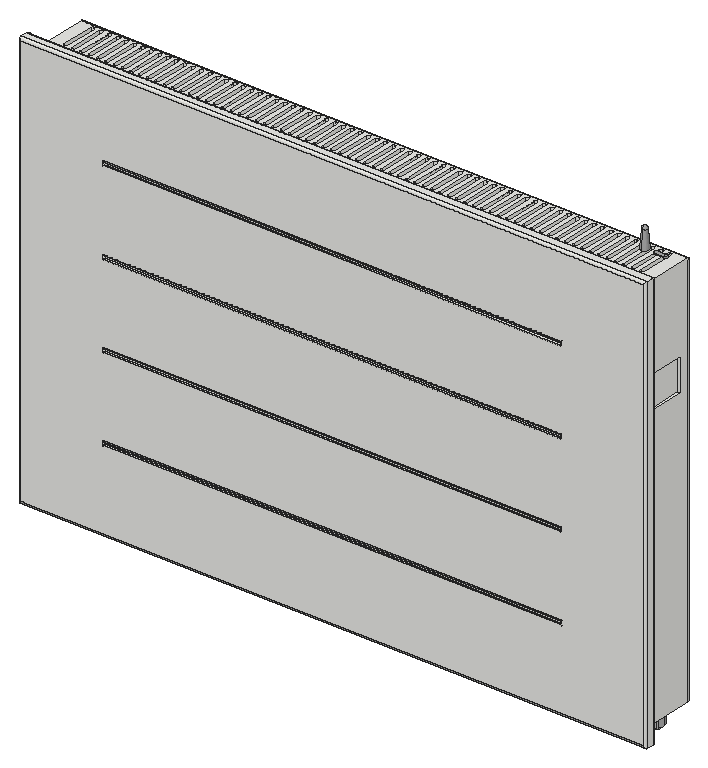
Revit family "SUBLIME RF_0750", category Generic Models, Revit 2018
Family settings
  Can host rebar = No
  Round Connector Dimension = Use Diameter
  Part Type = Normal
  Work Plane-Based = No
  Always vertical = Yes
  Cut with Voids When Loaded = No
  Shared = No
  Room Calculation Point = No
Parameters (values of type "Sublime RF_0750")
  Zwart = Zwart
  Wifi paneel = no
  Voltage = 230 V
  URL = "https://masterwatt.nl/"
  Scherm = Screen
  RF model = yes
  Power (default) = 750 VA
  Plus paneel = no
  Phase = 1
  Model = "SBL 750 RF"
  Manufacturer = "Masterwatt B.V."
  Licht grijs = Licht grijs
  Hoogte = 500 mm
  H openingen o = Hoogte - 22 mm  # 478 mm
  H openingen = Hoogte - 12 mm  # 488 mm
  Diepte = 80 mm
  Copyright = "Masterwatt B.V."  # constant formula
  Kleur = Lacquer White
  Breedte = 750 mm
  Beugel smal = yes
  Beugel breed = no
  Art. No. = "429 756 321"
  Aantal openingen onder = (Breedte / 2 mm - 135) / 10  # 24
  Aantal openingen boven = (Breedte / 2 mm - 25) / 10  # 35
Reference planes
  plane 1 "Center (Front/Back)": y = 0
  plane 2: z = 0
  plane 3 "Center (Left/Right)": x = 0
  plane 4: x = -375
  plane 5: x = 375
  plane 6: z = 500
  plane 7: y = -15
  plane 8: y = -95
  plane 9: x = -363
  plane 10: z = 488
  plane 11: x = 363
  plane 12: z = 12
  plane 13: y = -81
  plane 14: x = -273
  plane 15: x = 273
  plane 16: z = 394
Forms (mm)
  Extrusion 1, solid, material "Lacquer White" <- "Kleur"
    sketch origin (0, 0, 0) x (1, 0, 0) y (0, 0, 1)
      loop
        line (-375, 500) -> (-375, 0) -> (375, 0) -> (375, 500) -> (-375, 500)
    from 81 to 95
  Sweep 2, void
    path in 3D
      loop
        line (-375, -95, 500) -> (-375, -95, 0) -> (375, -95, 0) -> (375, -95, 500) -> (-375, -95, 500)
    profile origin (0, -95, 500) x (0, -1, 0) y (0, 0, 1)
      loop
        line (0, 0) -> (-2.5, 0)
        arc (-2.5, 0) -> (-0.732, -0.732) -> (0, -2.5) r 2.5
        line (0, -2.5) -> (0, 0)
      loop
        line (-14, 0) -> (-14, -2.5)
        arc (-14, -2.5) -> (-13.268, -0.732) -> (-11.5, 0) r 2.5
        line (-11.5, 0) -> (-14, 0)
  Extrusion 3, solid, material "Lacquer White" <- "Kleur"
    sketch origin (0, 0, 0) x (1, 0, 0) y (0, 0, 1)
      loop
        line (-363, 488) -> (-363, 12) -> (363, 12) -> (363, 488) -> (-363, 488)
    from 15 to 81
  Sweep 4, void
    path in 3D
      loop
        line (-363, -81, 488) -> (-363, -81, 12) -> (363, -81, 12) -> (363, -81, 488) -> (-363, -81, 488)
    profile origin (0, -81, 488) x (0, -1, 0) y (0, 0, 1)
      loop
        line (-66, 0) -> (-66, -2)
        arc (-66, -2) -> (-65.414, -0.586) -> (-64, 0) r 2
        line (-64, 0) -> (-66, 0)
  Blend 5, void
    base sketch origin (0, 0, -400) x (1, 0, 0) y (0, 0, 1)
      loop
        arc (-274, 503) -> (-274.707, 502.707) -> (-275, 502) r 1
        line (-275, 502) -> (-275, 498)
        arc (-275, 498) -> (-274.707, 497.293) -> (-274, 497) r 1
        line (-274, 497) -> (274, 497)
        arc (274, 497) -> (274.707, 497.293) -> (275, 498) r 1
        line (275, 498) -> (275, 502)
        arc (275, 502) -> (274.707, 502.707) -> (274, 503) r 1
        line (274, 503) -> (-274, 503)
    top sketch origin (0, 0, -400) x (1, 0, 0) y (0, 0, 1)
      loop
        line (273, 501) -> (-273, 501) -> (-273, 499) -> (273, 499) -> (273, 501)
    from 95.2 to 94
  Extrusion 6, solid, material "Screen" <- "Scherm", visible <- "Plus paneel"
    sketch origin (522.5, -363, 112) x (0, 1, 0) y (0, 0, 1)
      loop
        line (295, 276) -> (295, 236) -> (335, 236) -> (335, 276) -> (295, 276)
    from -163.5 to -159.5
  Extrusion 7, solid, material "Licht grijs" <- "Licht grijs", visible <- "Plus paneel"
    sketch origin (493.29, -363, 112) x (0, 1, 0) y (0, 0, 1)
      loop
        arc (297.5, 221.5) -> (295, 219) -> (297.5, 216.5) r 2.5
        line (297.5, 216.5) -> (311, 216.5)
        arc (311, 216.5) -> (313.5, 219) -> (311, 221.5) r 2.5
        line (311, 221.5) -> (297.5, 221.5)
      loop
        arc (319, 221.5) -> (316.5, 219) -> (319, 216.5) r 2.5
        line (319, 216.5) -> (332.5, 216.5)
        arc (332.5, 216.5) -> (335, 219) -> (332.5, 221.5) r 2.5
        line (332.5, 221.5) -> (319, 221.5)
      loop
        arc (297.5, 230) -> (295, 227.5) -> (297.5, 225) r 2.5
        line (297.5, 225) -> (300.3, 225)
        arc (300.3, 225) -> (302.8, 227.5) -> (300.3, 230) r 2.5
        line (300.3, 230) -> (297.5, 230)
      loop
        arc (319, 230) -> (316.5, 227.5) -> (319, 225) r 2.5
        line (319, 225) -> (321.8, 225)
        arc (321.8, 225) -> (324.3, 227.5) -> (321.8, 230) r 2.5
        line (321.8, 230) -> (319, 230)
      loop
        arc (329.7, 230) -> (327.2, 227.5) -> (329.7, 225) r 2.5
        line (329.7, 225) -> (332.5, 225)
        arc (332.5, 225) -> (335, 227.5) -> (332.5, 230) r 2.5
        line (332.5, 230) -> (329.7, 230)
      loop
        arc (308.2, 230) -> (305.7, 227.5) -> (308.2, 225) r 2.5
        line (308.2, 225) -> (311, 225)
        arc (311, 225) -> (313.5, 227.5) -> (311, 230) r 2.5
        line (311, 230) -> (308.2, 230)
    from -130.29 to -126.29
  Extrusion 8, void
    sketch origin (502.5, -363, 112) x (0, 1, 0) y (0, 0, 1)
      loop
        line (295, 276) -> (295, 236) -> (335, 236) -> (335, 276) -> (295, 276)
    from -143.5 to -139.5
  Extrusion 9, void
    sketch origin (-14.747, -2.968, 0) x (1, 0, 0) y (0, 1, 0)
      loop
        arc (341.747, -39.532) -> (339.247, -37.032) -> (336.747, -39.532) r 2.5
        line (336.747, -39.532) -> (336.747, -59.532)
        arc (336.747, -59.532) -> (339.247, -62.032) -> (341.747, -59.532) r 2.5
        line (341.747, -59.532) -> (341.747, -39.532)
    from 12 to 22
  Extrusion 10, void
    sketch origin (-24.747, -2.968, 0) x (1, 0, 0) y (0, 1, 0)
      loop
        arc (341.747, -39.532) -> (339.247, -37.032) -> (336.747, -39.532) r 2.5
        line (336.747, -39.532) -> (336.747, -59.532)
        arc (336.747, -59.532) -> (339.247, -62.032) -> (341.747, -59.532) r 2.5
        line (341.747, -59.532) -> (341.747, -39.532)
    from 12 to 22
  Extrusion 11, void
    sketch origin (-34.747, -2.968, 0) x (1, 0, 0) y (0, 1, 0)
      loop
        arc (341.747, -39.532) -> (339.247, -37.032) -> (336.747, -39.532) r 2.5
        line (336.747, -39.532) -> (336.747, -59.532)
        arc (336.747, -59.532) -> (339.247, -62.032) -> (341.747, -59.532) r 2.5
        line (341.747, -59.532) -> (341.747, -39.532)
    from 12 to 22
  Extrusion 12, void
    sketch origin (-19.747, 23.032, 0) x (1, 0, 0) y (0, 1, 0)
      loop
        line (341.747, -38.032) -> (336.747, -38.032) -> (336.747, -59.532)
        arc (336.747, -59.532) -> (339.247, -62.032) -> (341.747, -59.532) r 2.5
        line (341.747, -59.532) -> (341.747, -38.032)
    from 12 to 17
  Extrusion 13, void
    sketch origin (-29.747, 23.032, 0) x (1, 0, 0) y (0, 1, 0)
      loop
        line (341.747, -38.032) -> (336.747, -38.032) -> (336.747, -59.532)
        arc (336.747, -59.532) -> (339.247, -62.032) -> (341.747, -59.532) r 2.5
        line (341.747, -59.532) -> (341.747, -38.032)
    from 12 to 17
  Extrusion 14, void
    sketch origin (-983.747, -2.968, 0) x (1, 0, 0) y (0, 1, 0)
      loop
        arc (641.747, -39.532) -> (639.247, -37.032) -> (636.747, -39.532) r 2.5
        line (636.747, -39.532) -> (636.747, -59.532)
        arc (636.747, -59.532) -> (639.247, -62.032) -> (641.747, -59.532) r 2.5
        line (641.747, -59.532) -> (641.747, -39.532)
    from 12 to 22
  Extrusion 15, void
    sketch origin (-988.747, 23.032, 0) x (1, 0, 0) y (0, 1, 0)
      loop
        line (641.747, -38.032) -> (636.747, -38.032) -> (636.747, -59.532)
        arc (636.747, -59.532) -> (639.247, -62.032) -> (641.747, -59.532) r 2.5
        line (641.747, -59.532) -> (641.747, -38.032)
    from 12 to 17
  Extrusion 16, void
    sketch origin (-973.747, -2.968, 0) x (1, 0, 0) y (0, 1, 0)
      loop
        arc (641.747, -39.532) -> (639.247, -37.032) -> (636.747, -39.532) r 2.5
        line (636.747, -39.532) -> (636.747, -59.532)
        arc (636.747, -59.532) -> (639.247, -62.032) -> (641.747, -59.532) r 2.5
        line (641.747, -59.532) -> (641.747, -39.532)
    from 12 to 22
  Extrusion 17, void
    sketch origin (-978.747, 23.032, 0) x (1, 0, 0) y (0, 1, 0)
      loop
        line (641.747, -38.032) -> (636.747, -38.032) -> (636.747, -59.532)
        arc (636.747, -59.532) -> (639.247, -62.032) -> (641.747, -59.532) r 2.5
        line (641.747, -59.532) -> (641.747, -38.032)
    from 12 to 17
  Extrusion 18, void
    sketch origin (-963.747, -2.968, 0) x (1, 0, 0) y (0, 1, 0)
      loop
        arc (641.747, -39.532) -> (639.247, -37.032) -> (636.747, -39.532) r 2.5
        line (636.747, -39.532) -> (636.747, -59.532)
        arc (636.747, -59.532) -> (639.247, -62.032) -> (641.747, -59.532) r 2.5
        line (641.747, -59.532) -> (641.747, -39.532)
    from 12 to 22
  Extrusion 19, void
    sketch origin (-968.747, 23.032, 0) x (1, 0, 0) y (0, 1, 0)
      loop
        line (641.747, -38.032) -> (636.747, -38.032) -> (636.747, -59.532)
        arc (636.747, -59.532) -> (639.247, -62.032) -> (641.747, -59.532) r 2.5
        line (641.747, -59.532) -> (641.747, -38.032)
    from 12 to 17
  Extrusion 20, void
    sketch origin (-953.747, -2.968, 0) x (1, 0, 0) y (0, 1, 0)
      loop
        arc (641.747, -39.532) -> (639.247, -37.032) -> (636.747, -39.532) r 2.5
        line (636.747, -39.532) -> (636.747, -59.532)
        arc (636.747, -59.532) -> (639.247, -62.032) -> (641.747, -59.532) r 2.5
        line (641.747, -59.532) -> (641.747, -39.532)
    from 12 to 22
  Extrusion 21, void
    sketch origin (-958.747, 23.032, 0) x (1, 0, 0) y (0, 1, 0)
      loop
        line (641.747, -38.032) -> (636.747, -38.032) -> (636.747, -59.532)
        arc (636.747, -59.532) -> (639.247, -62.032) -> (641.747, -59.532) r 2.5
        line (641.747, -59.532) -> (641.747, -38.032)
    from 12 to 17
  Extrusion 22, void
    sketch origin (-943.747, -2.968, 0) x (1, 0, 0) y (0, 1, 0)
      loop
        arc (641.747, -39.532) -> (639.247, -37.032) -> (636.747, -39.532) r 2.5
        line (636.747, -39.532) -> (636.747, -59.532)
        arc (636.747, -59.532) -> (639.247, -62.032) -> (641.747, -59.532) r 2.5
        line (641.747, -59.532) -> (641.747, -39.532)
    from 12 to 22
  Extrusion 23, void
    sketch origin (-948.747, 23.032, 0) x (1, 0, 0) y (0, 1, 0)
      loop
        line (641.747, -38.032) -> (636.747, -38.032) -> (636.747, -59.532)
        arc (636.747, -59.532) -> (639.247, -62.032) -> (641.747, -59.532) r 2.5
        line (641.747, -59.532) -> (641.747, -38.032)
    from 12 to 17
  Extrusion 24, void
    sketch origin (-504.247, -2.968, 0) x (1, 0, 0) y (0, 1, 0)
      loop
        arc (491.747, -39.532) -> (489.247, -37.032) -> (486.747, -39.532) r 2.5
        line (486.747, -39.532) -> (486.747, -59.532)
        arc (486.747, -59.532) -> (489.247, -62.032) -> (491.747, -59.532) r 2.5
        line (491.747, -59.532) -> (491.747, -39.532)
    from 12 to 22
  Extrusion 25, void
    sketch origin (-494.247, -2.968, 0) x (1, 0, 0) y (0, 1, 0)
      loop
        arc (491.747, -39.532) -> (489.247, -37.032) -> (486.747, -39.532) r 2.5
        line (486.747, -39.532) -> (486.747, -59.532)
        arc (486.747, -59.532) -> (489.247, -62.032) -> (491.747, -59.532) r 2.5
        line (491.747, -59.532) -> (491.747, -39.532)
    from 12 to 22
  Extrusion 26, void
    sketch origin (-499.247, 23.032, 0) x (1, 0, 0) y (0, 1, 0)
      loop
        line (491.747, -38.032) -> (486.747, -38.032) -> (486.747, -59.532)
        arc (486.747, -59.532) -> (489.247, -62.032) -> (491.747, -59.532) r 2.5
        line (491.747, -59.532) -> (491.747, -38.032)
    from 12 to 17
  Extrusion 27, void
    sketch origin (-484.247, -2.968, 0) x (1, 0, 0) y (0, 1, 0)
      loop
        arc (491.747, -39.532) -> (489.247, -37.032) -> (486.747, -39.532) r 2.5
        line (486.747, -39.532) -> (486.747, -59.532)
        arc (486.747, -59.532) -> (489.247, -62.032) -> (491.747, -59.532) r 2.5
        line (491.747, -59.532) -> (491.747, -39.532)
    from 12 to 22
  Extrusion 28, void
    sketch origin (-489.247, 23.032, 0) x (1, 0, 0) y (0, 1, 0)
      loop
        line (491.747, -38.032) -> (486.747, -38.032) -> (486.747, -59.532)
        arc (486.747, -59.532) -> (489.247, -62.032) -> (491.747, -59.532) r 2.5
        line (491.747, -59.532) -> (491.747, -38.032)
    from 12 to 17
  Extrusion 29, void
    sketch origin (-474.247, -2.968, 0) x (1, 0, 0) y (0, 1, 0)
      loop
        arc (491.747, -39.532) -> (489.247, -37.032) -> (486.747, -39.532) r 2.5
        line (486.747, -39.532) -> (486.747, -59.532)
        arc (486.747, -59.532) -> (489.247, -62.032) -> (491.747, -59.532) r 2.5
        line (491.747, -59.532) -> (491.747, -39.532)
    from 12 to 22
  Extrusion 30, void
    sketch origin (-479.247, 23.032, 0) x (1, 0, 0) y (0, 1, 0)
      loop
        line (491.747, -38.032) -> (486.747, -38.032) -> (486.747, -59.532)
        arc (486.747, -59.532) -> (489.247, -62.032) -> (491.747, -59.532) r 2.5
        line (491.747, -59.532) -> (491.747, -38.032)
    from 12 to 17
  Extrusion 31, solid, material "Zwart" <- "Zwart", detail levels fine
    sketch origin (147, -62.5, 0) x (1, 0, 0) y (0, 1, 0)
      loop
        circle (207, -0.5) r 7
    from 10.5 to 12
  Revolve 32, solid, material "Lacquer White" <- "Kleur"
    sketch origin (354, -62.5, 10) x (0, 1, 0) y (0, 0, 1)
      loop
        line (-0.5, 0.5) -> (-0.5, -21.5)
        arc (-0.5, -21.5) -> (1.621, -20.621) -> (2.5, -18.5) r 3
        line (2.5, -18.5) -> (2.5, 0.5) -> (-0.5, 0.5)
      axis (-0.5, 0.5) -> (-0.5, -21.5)
    angle from 0 to 360
  Extrusion 33, void
    sketch origin (0, 0, 0) x (1, 0, 0) y (0, 1, 0)
      loop
        line (-2.5, -62.5) -> (-2.5, -22.5)
        arc (-2.5, -22.5) -> (-5, -20) -> (-7.5, -22.5) r 2.5
        line (-7.5, -22.5) -> (-7.5, -62.5)
        arc (-7.5, -62.5) -> (-5, -65) -> (-2.5, -62.5) r 2.5
    from 478 <- "H openingen o" to 488 <- "H openingen"
  Extrusion 34, void
    sketch origin (10, 0, 0) x (1, 0, 0) y (0, 1, 0)
      loop
        line (-2.5, -62.5) -> (-2.5, -22.5)
        arc (-2.5, -22.5) -> (-5, -20) -> (-7.5, -22.5) r 2.5
        line (-7.5, -22.5) -> (-7.5, -62.5)
        arc (-7.5, -62.5) -> (-5, -65) -> (-2.5, -62.5) r 2.5
    from 478 <- "H openingen o" to 488 <- "H openingen"
  Extrusion 35, void
    sketch origin (20, 0, 0) x (1, 0, 0) y (0, 1, 0)
      loop
        line (-2.5, -62.5) -> (-2.5, -22.5)
        arc (-2.5, -22.5) -> (-5, -20) -> (-7.5, -22.5) r 2.5
        line (-7.5, -22.5) -> (-7.5, -62.5)
        arc (-7.5, -62.5) -> (-5, -65) -> (-2.5, -62.5) r 2.5
    from 478 <- "H openingen o" to 488 <- "H openingen"
  Extrusion 36, void
    sketch origin (30, 0, 0) x (1, 0, 0) y (0, 1, 0)
      loop
        line (-2.5, -62.5) -> (-2.5, -22.5)
        arc (-2.5, -22.5) -> (-5, -20) -> (-7.5, -22.5) r 2.5
        line (-7.5, -22.5) -> (-7.5, -62.5)
        arc (-7.5, -62.5) -> (-5, -65) -> (-2.5, -62.5) r 2.5
    from 478 <- "H openingen o" to 488 <- "H openingen"
  Extrusion 37, void
    sketch origin (40, 0, 0) x (1, 0, 0) y (0, 1, 0)
      loop
        line (-2.5, -62.5) -> (-2.5, -22.5)
        arc (-2.5, -22.5) -> (-5, -20) -> (-7.5, -22.5) r 2.5
        line (-7.5, -22.5) -> (-7.5, -62.5)
        arc (-7.5, -62.5) -> (-5, -65) -> (-2.5, -62.5) r 2.5
    from 478 <- "H openingen o" to 488 <- "H openingen"
  Extrusion 38, void
    sketch origin (50, 0, 0) x (1, 0, 0) y (0, 1, 0)
      loop
        line (-2.5, -62.5) -> (-2.5, -22.5)
        arc (-2.5, -22.5) -> (-5, -20) -> (-7.5, -22.5) r 2.5
        line (-7.5, -22.5) -> (-7.5, -62.5)
        arc (-7.5, -62.5) -> (-5, -65) -> (-2.5, -62.5) r 2.5
    from 478 <- "H openingen o" to 488 <- "H openingen"
  Extrusion 39, void
    sketch origin (60, 0, 0) x (1, 0, 0) y (0, 1, 0)
      loop
        line (-2.5, -62.5) -> (-2.5, -22.5)
        arc (-2.5, -22.5) -> (-5, -20) -> (-7.5, -22.5) r 2.5
        line (-7.5, -22.5) -> (-7.5, -62.5)
        arc (-7.5, -62.5) -> (-5, -65) -> (-2.5, -62.5) r 2.5
    from 478 <- "H openingen o" to 488 <- "H openingen"
  Extrusion 40, void
    sketch origin (70, 0, 0) x (1, 0, 0) y (0, 1, 0)
      loop
        line (-2.5, -62.5) -> (-2.5, -22.5)
        arc (-2.5, -22.5) -> (-5, -20) -> (-7.5, -22.5) r 2.5
        line (-7.5, -22.5) -> (-7.5, -62.5)
        arc (-7.5, -62.5) -> (-5, -65) -> (-2.5, -62.5) r 2.5
    from 478 <- "H openingen o" to 488 <- "H openingen"
  Extrusion 41, void
    sketch origin (80, 0, 0) x (1, 0, 0) y (0, 1, 0)
      loop
        line (-2.5, -62.5) -> (-2.5, -22.5)
        arc (-2.5, -22.5) -> (-5, -20) -> (-7.5, -22.5) r 2.5
        line (-7.5, -22.5) -> (-7.5, -62.5)
        arc (-7.5, -62.5) -> (-5, -65) -> (-2.5, -62.5) r 2.5
    from 478 <- "H openingen o" to 488 <- "H openingen"
  Extrusion 42, void
    sketch origin (90, 0, 0) x (1, 0, 0) y (0, 1, 0)
      loop
        line (-2.5, -62.5) -> (-2.5, -22.5)
        arc (-2.5, -22.5) -> (-5, -20) -> (-7.5, -22.5) r 2.5
        line (-7.5, -22.5) -> (-7.5, -62.5)
        arc (-7.5, -62.5) -> (-5, -65) -> (-2.5, -62.5) r 2.5
    from 478 <- "H openingen o" to 488 <- "H openingen"
  Extrusion 43, void
    sketch origin (100, 0, 0) x (1, 0, 0) y (0, 1, 0)
      loop
        line (-2.5, -62.5) -> (-2.5, -22.5)
        arc (-2.5, -22.5) -> (-5, -20) -> (-7.5, -22.5) r 2.5
        line (-7.5, -22.5) -> (-7.5, -62.5)
        arc (-7.5, -62.5) -> (-5, -65) -> (-2.5, -62.5) r 2.5
    from 478 <- "H openingen o" to 488 <- "H openingen"
  Extrusion 44, void
    sketch origin (110, 0, 0) x (1, 0, 0) y (0, 1, 0)
      loop
        line (-2.5, -62.5) -> (-2.5, -22.5)
        arc (-2.5, -22.5) -> (-5, -20) -> (-7.5, -22.5) r 2.5
        line (-7.5, -22.5) -> (-7.5, -62.5)
        arc (-7.5, -62.5) -> (-5, -65) -> (-2.5, -62.5) r 2.5
    from 478 <- "H openingen o" to 488 <- "H openingen"
  Extrusion 45, void
    sketch origin (120, 0, 0) x (1, 0, 0) y (0, 1, 0)
      loop
        line (-2.5, -62.5) -> (-2.5, -22.5)
        arc (-2.5, -22.5) -> (-5, -20) -> (-7.5, -22.5) r 2.5
        line (-7.5, -22.5) -> (-7.5, -62.5)
        arc (-7.5, -62.5) -> (-5, -65) -> (-2.5, -62.5) r 2.5
    from 478 <- "H openingen o" to 488 <- "H openingen"
  Extrusion 46, void
    sketch origin (130, 0, 0) x (1, 0, 0) y (0, 1, 0)
      loop
        line (-2.5, -62.5) -> (-2.5, -22.5)
        arc (-2.5, -22.5) -> (-5, -20) -> (-7.5, -22.5) r 2.5
        line (-7.5, -22.5) -> (-7.5, -62.5)
        arc (-7.5, -62.5) -> (-5, -65) -> (-2.5, -62.5) r 2.5
    from 478 <- "H openingen o" to 488 <- "H openingen"
  Extrusion 47, void
    sketch origin (140, 0, 0) x (1, 0, 0) y (0, 1, 0)
      loop
        line (-2.5, -62.5) -> (-2.5, -22.5)
        arc (-2.5, -22.5) -> (-5, -20) -> (-7.5, -22.5) r 2.5
        line (-7.5, -22.5) -> (-7.5, -62.5)
        arc (-7.5, -62.5) -> (-5, -65) -> (-2.5, -62.5) r 2.5
    from 478 <- "H openingen o" to 488 <- "H openingen"
  Extrusion 48, void
    sketch origin (150, 0, 0) x (1, 0, 0) y (0, 1, 0)
      loop
        line (-2.5, -62.5) -> (-2.5, -22.5)
        arc (-2.5, -22.5) -> (-5, -20) -> (-7.5, -22.5) r 2.5
        line (-7.5, -22.5) -> (-7.5, -62.5)
        arc (-7.5, -62.5) -> (-5, -65) -> (-2.5, -62.5) r 2.5
    from 478 <- "H openingen o" to 488 <- "H openingen"
  Extrusion 49, void
    sketch origin (160, 0, 0) x (1, 0, 0) y (0, 1, 0)
      loop
        line (-2.5, -62.5) -> (-2.5, -22.5)
        arc (-2.5, -22.5) -> (-5, -20) -> (-7.5, -22.5) r 2.5
        line (-7.5, -22.5) -> (-7.5, -62.5)
        arc (-7.5, -62.5) -> (-5, -65) -> (-2.5, -62.5) r 2.5
    from 478 <- "H openingen o" to 488 <- "H openingen"
  Extrusion 50, void
    sketch origin (170, 0, 0) x (1, 0, 0) y (0, 1, 0)
      loop
        line (-2.5, -62.5) -> (-2.5, -22.5)
        arc (-2.5, -22.5) -> (-5, -20) -> (-7.5, -22.5) r 2.5
        line (-7.5, -22.5) -> (-7.5, -62.5)
        arc (-7.5, -62.5) -> (-5, -65) -> (-2.5, -62.5) r 2.5
    from 478 <- "H openingen o" to 488 <- "H openingen"
  Extrusion 51, void
    sketch origin (180, 0, 0) x (1, 0, 0) y (0, 1, 0)
      loop
        line (-2.5, -62.5) -> (-2.5, -22.5)
        arc (-2.5, -22.5) -> (-5, -20) -> (-7.5, -22.5) r 2.5
        line (-7.5, -22.5) -> (-7.5, -62.5)
        arc (-7.5, -62.5) -> (-5, -65) -> (-2.5, -62.5) r 2.5
    from 478 <- "H openingen o" to 488 <- "H openingen"
  Extrusion 52, void
    sketch origin (190, 0, 0) x (1, 0, 0) y (0, 1, 0)
      loop
        line (-2.5, -62.5) -> (-2.5, -22.5)
        arc (-2.5, -22.5) -> (-5, -20) -> (-7.5, -22.5) r 2.5
        line (-7.5, -22.5) -> (-7.5, -62.5)
        arc (-7.5, -62.5) -> (-5, -65) -> (-2.5, -62.5) r 2.5
    from 478 <- "H openingen o" to 488 <- "H openingen"
  Extrusion 53, void
    sketch origin (200, 0, 0) x (1, 0, 0) y (0, 1, 0)
      loop
        line (-2.5, -62.5) -> (-2.5, -22.5)
        arc (-2.5, -22.5) -> (-5, -20) -> (-7.5, -22.5) r 2.5
        line (-7.5, -22.5) -> (-7.5, -62.5)
        arc (-7.5, -62.5) -> (-5, -65) -> (-2.5, -62.5) r 2.5
    from 478 <- "H openingen o" to 488 <- "H openingen"
  Extrusion 54, void
    sketch origin (210, 0, 0) x (1, 0, 0) y (0, 1, 0)
      loop
        line (-2.5, -62.5) -> (-2.5, -22.5)
        arc (-2.5, -22.5) -> (-5, -20) -> (-7.5, -22.5) r 2.5
        line (-7.5, -22.5) -> (-7.5, -62.5)
        arc (-7.5, -62.5) -> (-5, -65) -> (-2.5, -62.5) r 2.5
    from 478 <- "H openingen o" to 488 <- "H openingen"
  Extrusion 55, void
    sketch origin (220, 0, 0) x (1, 0, 0) y (0, 1, 0)
      loop
        line (-2.5, -62.5) -> (-2.5, -22.5)
        arc (-2.5, -22.5) -> (-5, -20) -> (-7.5, -22.5) r 2.5
        line (-7.5, -22.5) -> (-7.5, -62.5)
        arc (-7.5, -62.5) -> (-5, -65) -> (-2.5, -62.5) r 2.5
    from 478 <- "H openingen o" to 488 <- "H openingen"
  Extrusion 56, void
    sketch origin (230, 0, 0) x (1, 0, 0) y (0, 1, 0)
      loop
        line (-2.5, -62.5) -> (-2.5, -22.5)
        arc (-2.5, -22.5) -> (-5, -20) -> (-7.5, -22.5) r 2.5
        line (-7.5, -22.5) -> (-7.5, -62.5)
        arc (-7.5, -62.5) -> (-5, -65) -> (-2.5, -62.5) r 2.5
    from 478 <- "H openingen o" to 488 <- "H openingen"
  Extrusion 57, void
    sketch origin (240, 0, 0) x (1, 0, 0) y (0, 1, 0)
      loop
        line (-2.5, -62.5) -> (-2.5, -22.5)
        arc (-2.5, -22.5) -> (-5, -20) -> (-7.5, -22.5) r 2.5
        line (-7.5, -22.5) -> (-7.5, -62.5)
        arc (-7.5, -62.5) -> (-5, -65) -> (-2.5, -62.5) r 2.5
    from 478 <- "H openingen o" to 488 <- "H openingen"
  Extrusion 58, void
    sketch origin (250, 0, 0) x (1, 0, 0) y (0, 1, 0)
      loop
        line (-2.5, -62.5) -> (-2.5, -22.5)
        arc (-2.5, -22.5) -> (-5, -20) -> (-7.5, -22.5) r 2.5
        line (-7.5, -22.5) -> (-7.5, -62.5)
        arc (-7.5, -62.5) -> (-5, -65) -> (-2.5, -62.5) r 2.5
    from 478 <- "H openingen o" to 488 <- "H openingen"
  Extrusion 59, void
    sketch origin (260, 0, 0) x (1, 0, 0) y (0, 1, 0)
      loop
        line (-2.5, -62.5) -> (-2.5, -22.5)
        arc (-2.5, -22.5) -> (-5, -20) -> (-7.5, -22.5) r 2.5
        line (-7.5, -22.5) -> (-7.5, -62.5)
        arc (-7.5, -62.5) -> (-5, -65) -> (-2.5, -62.5) r 2.5
    from 478 <- "H openingen o" to 488 <- "H openingen"
  Extrusion 60, void
    sketch origin (270, 0, 0) x (1, 0, 0) y (0, 1, 0)
      loop
        line (-2.5, -62.5) -> (-2.5, -22.5)
        arc (-2.5, -22.5) -> (-5, -20) -> (-7.5, -22.5) r 2.5
        line (-7.5, -22.5) -> (-7.5, -62.5)
        arc (-7.5, -62.5) -> (-5, -65) -> (-2.5, -62.5) r 2.5
    from 478 <- "H openingen o" to 488 <- "H openingen"
  Extrusion 61, void
    sketch origin (280, 0, 0) x (1, 0, 0) y (0, 1, 0)
      loop
        line (-2.5, -62.5) -> (-2.5, -22.5)
        arc (-2.5, -22.5) -> (-5, -20) -> (-7.5, -22.5) r 2.5
        line (-7.5, -22.5) -> (-7.5, -62.5)
        arc (-7.5, -62.5) -> (-5, -65) -> (-2.5, -62.5) r 2.5
    from 478 <- "H openingen o" to 488 <- "H openingen"
  Extrusion 62, void
    sketch origin (290, 0, 0) x (1, 0, 0) y (0, 1, 0)
      loop
        line (-2.5, -62.5) -> (-2.5, -22.5)
        arc (-2.5, -22.5) -> (-5, -20) -> (-7.5, -22.5) r 2.5
        line (-7.5, -22.5) -> (-7.5, -62.5)
        arc (-7.5, -62.5) -> (-5, -65) -> (-2.5, -62.5) r 2.5
    from 478 <- "H openingen o" to 488 <- "H openingen"
  Extrusion 63, void
    sketch origin (300, 0, 0) x (1, 0, 0) y (0, 1, 0)
      loop
        line (-2.5, -62.5) -> (-2.5, -22.5)
        arc (-2.5, -22.5) -> (-5, -20) -> (-7.5, -22.5) r 2.5
        line (-7.5, -22.5) -> (-7.5, -62.5)
        arc (-7.5, -62.5) -> (-5, -65) -> (-2.5, -62.5) r 2.5
    from 478 <- "H openingen o" to 488 <- "H openingen"
  Extrusion 64, void
    sketch origin (310, 0, 0) x (1, 0, 0) y (0, 1, 0)
      loop
        line (-2.5, -62.5) -> (-2.5, -22.5)
        arc (-2.5, -22.5) -> (-5, -20) -> (-7.5, -22.5) r 2.5
        line (-7.5, -22.5) -> (-7.5, -62.5)
        arc (-7.5, -62.5) -> (-5, -65) -> (-2.5, -62.5) r 2.5
    from 478 <- "H openingen o" to 488 <- "H openingen"
  Extrusion 65, void
    sketch origin (320, 0, 0) x (1, 0, 0) y (0, 1, 0)
      loop
        line (-2.5, -62.5) -> (-2.5, -22.5)
        arc (-2.5, -22.5) -> (-5, -20) -> (-7.5, -22.5) r 2.5
        line (-7.5, -22.5) -> (-7.5, -62.5)
        arc (-7.5, -62.5) -> (-5, -65) -> (-2.5, -62.5) r 2.5
    from 478 <- "H openingen o" to 488 <- "H openingen"
  Extrusion 66, void
    sketch origin (330, 0, 0) x (1, 0, 0) y (0, 1, 0)
      loop
        line (-2.5, -62.5) -> (-2.5, -22.5)
        arc (-2.5, -22.5) -> (-5, -20) -> (-7.5, -22.5) r 2.5
        line (-7.5, -22.5) -> (-7.5, -62.5)
        arc (-7.5, -62.5) -> (-5, -65) -> (-2.5, -62.5) r 2.5
    from 478 <- "H openingen o" to 488 <- "H openingen"
  Extrusion 67, void
    sketch origin (340, 0, 0) x (1, 0, 0) y (0, 1, 0)
      loop
        line (-2.5, -62.5) -> (-2.5, -22.5)
        arc (-2.5, -22.5) -> (-5, -20) -> (-7.5, -22.5) r 2.5
        line (-7.5, -22.5) -> (-7.5, -62.5)
        arc (-7.5, -62.5) -> (-5, -65) -> (-2.5, -62.5) r 2.5
    from 478 <- "H openingen o" to 488 <- "H openingen"
  Extrusion 68, void
    sketch origin (350, 0, 0) x (1, 0, 0) y (0, 1, 0)
      loop
        line (-2.5, -62.5) -> (-2.5, -22.5)
        arc (-2.5, -22.5) -> (-5, -20) -> (-7.5, -22.5) r 2.5
        line (-7.5, -22.5) -> (-7.5, -62.5)
        arc (-7.5, -62.5) -> (-5, -65) -> (-2.5, -62.5) r 2.5
    from 478 <- "H openingen o" to 488 <- "H openingen"
  Extrusion 69, void
    sketch origin (-10, 0, 0) x (1, 0, 0) y (0, 1, 0)
      loop
        line (-2.5, -62.5) -> (-2.5, -22.5)
        arc (-2.5, -22.5) -> (-5, -20) -> (-7.5, -22.5) r 2.5
        line (-7.5, -22.5) -> (-7.5, -62.5)
        arc (-7.5, -62.5) -> (-5, -65) -> (-2.5, -62.5) r 2.5
    from 478 <- "H openingen o" to 488 <- "H openingen"
  Extrusion 70, void
    sketch origin (-20, 0, 0) x (1, 0, 0) y (0, 1, 0)
      loop
        line (-2.5, -62.5) -> (-2.5, -22.5)
        arc (-2.5, -22.5) -> (-5, -20) -> (-7.5, -22.5) r 2.5
        line (-7.5, -22.5) -> (-7.5, -62.5)
        arc (-7.5, -62.5) -> (-5, -65) -> (-2.5, -62.5) r 2.5
    from 478 <- "H openingen o" to 488 <- "H openingen"
  Extrusion 71, void
    sketch origin (-30, 0, 0) x (1, 0, 0) y (0, 1, 0)
      loop
        line (-2.5, -62.5) -> (-2.5, -22.5)
        arc (-2.5, -22.5) -> (-5, -20) -> (-7.5, -22.5) r 2.5
        line (-7.5, -22.5) -> (-7.5, -62.5)
        arc (-7.5, -62.5) -> (-5, -65) -> (-2.5, -62.5) r 2.5
    from 478 <- "H openingen o" to 488 <- "H openingen"
  Extrusion 72, void
    sketch origin (-40, 0, 0) x (1, 0, 0) y (0, 1, 0)
      loop
        line (-2.5, -62.5) -> (-2.5, -22.5)
        arc (-2.5, -22.5) -> (-5, -20) -> (-7.5, -22.5) r 2.5
        line (-7.5, -22.5) -> (-7.5, -62.5)
        arc (-7.5, -62.5) -> (-5, -65) -> (-2.5, -62.5) r 2.5
    from 478 <- "H openingen o" to 488 <- "H openingen"
  Extrusion 73, void
    sketch origin (-50, 0, 0) x (1, 0, 0) y (0, 1, 0)
      loop
        line (-2.5, -62.5) -> (-2.5, -22.5)
        arc (-2.5, -22.5) -> (-5, -20) -> (-7.5, -22.5) r 2.5
        line (-7.5, -22.5) -> (-7.5, -62.5)
        arc (-7.5, -62.5) -> (-5, -65) -> (-2.5, -62.5) r 2.5
    from 478 <- "H openingen o" to 488 <- "H openingen"
  Extrusion 74, void
    sketch origin (-60, 0, 0) x (1, 0, 0) y (0, 1, 0)
      loop
        line (-2.5, -62.5) -> (-2.5, -22.5)
        arc (-2.5, -22.5) -> (-5, -20) -> (-7.5, -22.5) r 2.5
        line (-7.5, -22.5) -> (-7.5, -62.5)
        arc (-7.5, -62.5) -> (-5, -65) -> (-2.5, -62.5) r 2.5
    from 478 <- "H openingen o" to 488 <- "H openingen"
  Extrusion 75, void
    sketch origin (-70, 0, 0) x (1, 0, 0) y (0, 1, 0)
      loop
        line (-2.5, -62.5) -> (-2.5, -22.5)
        arc (-2.5, -22.5) -> (-5, -20) -> (-7.5, -22.5) r 2.5
        line (-7.5, -22.5) -> (-7.5, -62.5)
        arc (-7.5, -62.5) -> (-5, -65) -> (-2.5, -62.5) r 2.5
    from 478 <- "H openingen o" to 488 <- "H openingen"
  Extrusion 76, void
    sketch origin (-80, 0, 0) x (1, 0, 0) y (0, 1, 0)
      loop
        line (-2.5, -62.5) -> (-2.5, -22.5)
        arc (-2.5, -22.5) -> (-5, -20) -> (-7.5, -22.5) r 2.5
        line (-7.5, -22.5) -> (-7.5, -62.5)
        arc (-7.5, -62.5) -> (-5, -65) -> (-2.5, -62.5) r 2.5
    from 478 <- "H openingen o" to 488 <- "H openingen"
  Extrusion 77, void
    sketch origin (-90, 0, 0) x (1, 0, 0) y (0, 1, 0)
      loop
        line (-2.5, -62.5) -> (-2.5, -22.5)
        arc (-2.5, -22.5) -> (-5, -20) -> (-7.5, -22.5) r 2.5
        line (-7.5, -22.5) -> (-7.5, -62.5)
        arc (-7.5, -62.5) -> (-5, -65) -> (-2.5, -62.5) r 2.5
    from 478 <- "H openingen o" to 488 <- "H openingen"
  Extrusion 78, void
    sketch origin (-100, 0, 0) x (1, 0, 0) y (0, 1, 0)
      loop
        line (-2.5, -62.5) -> (-2.5, -22.5)
        arc (-2.5, -22.5) -> (-5, -20) -> (-7.5, -22.5) r 2.5
        line (-7.5, -22.5) -> (-7.5, -62.5)
        arc (-7.5, -62.5) -> (-5, -65) -> (-2.5, -62.5) r 2.5
    from 478 <- "H openingen o" to 488 <- "H openingen"
  Extrusion 79, void
    sketch origin (-110, 0, 0) x (1, 0, 0) y (0, 1, 0)
      loop
        line (-2.5, -62.5) -> (-2.5, -22.5)
        arc (-2.5, -22.5) -> (-5, -20) -> (-7.5, -22.5) r 2.5
        line (-7.5, -22.5) -> (-7.5, -62.5)
        arc (-7.5, -62.5) -> (-5, -65) -> (-2.5, -62.5) r 2.5
    from 478 <- "H openingen o" to 488 <- "H openingen"
  Extrusion 80, void
    sketch origin (-120, 0, 0) x (1, 0, 0) y (0, 1, 0)
      loop
        line (-2.5, -62.5) -> (-2.5, -22.5)
        arc (-2.5, -22.5) -> (-5, -20) -> (-7.5, -22.5) r 2.5
        line (-7.5, -22.5) -> (-7.5, -62.5)
        arc (-7.5, -62.5) -> (-5, -65) -> (-2.5, -62.5) r 2.5
    from 478 <- "H openingen o" to 488 <- "H openingen"
  Extrusion 81, void
    sketch origin (-130, 0, 0) x (1, 0, 0) y (0, 1, 0)
      loop
        line (-2.5, -62.5) -> (-2.5, -22.5)
        arc (-2.5, -22.5) -> (-5, -20) -> (-7.5, -22.5) r 2.5
        line (-7.5, -22.5) -> (-7.5, -62.5)
        arc (-7.5, -62.5) -> (-5, -65) -> (-2.5, -62.5) r 2.5
    from 478 <- "H openingen o" to 488 <- "H openingen"
  Extrusion 82, void
    sketch origin (-140, 0, 0) x (1, 0, 0) y (0, 1, 0)
      loop
        line (-2.5, -62.5) -> (-2.5, -22.5)
        arc (-2.5, -22.5) -> (-5, -20) -> (-7.5, -22.5) r 2.5
        line (-7.5, -22.5) -> (-7.5, -62.5)
        arc (-7.5, -62.5) -> (-5, -65) -> (-2.5, -62.5) r 2.5
    from 478 <- "H openingen o" to 488 <- "H openingen"
  Extrusion 83, void
    sketch origin (-150, 0, 0) x (1, 0, 0) y (0, 1, 0)
      loop
        line (-2.5, -62.5) -> (-2.5, -22.5)
        arc (-2.5, -22.5) -> (-5, -20) -> (-7.5, -22.5) r 2.5
        line (-7.5, -22.5) -> (-7.5, -62.5)
        arc (-7.5, -62.5) -> (-5, -65) -> (-2.5, -62.5) r 2.5
    from 478 <- "H openingen o" to 488 <- "H openingen"
  Extrusion 84, void
    sketch origin (-160, 0, 0) x (1, 0, 0) y (0, 1, 0)
      loop
        line (-2.5, -62.5) -> (-2.5, -22.5)
        arc (-2.5, -22.5) -> (-5, -20) -> (-7.5, -22.5) r 2.5
        line (-7.5, -22.5) -> (-7.5, -62.5)
        arc (-7.5, -62.5) -> (-5, -65) -> (-2.5, -62.5) r 2.5
    from 478 <- "H openingen o" to 488 <- "H openingen"
  Extrusion 85, void
    sketch origin (-170, 0, 0) x (1, 0, 0) y (0, 1, 0)
      loop
        line (-2.5, -62.5) -> (-2.5, -22.5)
        arc (-2.5, -22.5) -> (-5, -20) -> (-7.5, -22.5) r 2.5
        line (-7.5, -22.5) -> (-7.5, -62.5)
        arc (-7.5, -62.5) -> (-5, -65) -> (-2.5, -62.5) r 2.5
    from 478 <- "H openingen o" to 488 <- "H openingen"
  Extrusion 86, void
    sketch origin (-180, 0, 0) x (1, 0, 0) y (0, 1, 0)
      loop
        line (-2.5, -62.5) -> (-2.5, -22.5)
        arc (-2.5, -22.5) -> (-5, -20) -> (-7.5, -22.5) r 2.5
        line (-7.5, -22.5) -> (-7.5, -62.5)
        arc (-7.5, -62.5) -> (-5, -65) -> (-2.5, -62.5) r 2.5
    from 478 <- "H openingen o" to 488 <- "H openingen"
  Extrusion 87, void
    sketch origin (-190, 0, 0) x (1, 0, 0) y (0, 1, 0)
      loop
        line (-2.5, -62.5) -> (-2.5, -22.5)
        arc (-2.5, -22.5) -> (-5, -20) -> (-7.5, -22.5) r 2.5
        line (-7.5, -22.5) -> (-7.5, -62.5)
        arc (-7.5, -62.5) -> (-5, -65) -> (-2.5, -62.5) r 2.5
    from 478 <- "H openingen o" to 488 <- "H openingen"
  Extrusion 88, void
    sketch origin (-200, 0, 0) x (1, 0, 0) y (0, 1, 0)
      loop
        line (-2.5, -62.5) -> (-2.5, -22.5)
        arc (-2.5, -22.5) -> (-5, -20) -> (-7.5, -22.5) r 2.5
        line (-7.5, -22.5) -> (-7.5, -62.5)
        arc (-7.5, -62.5) -> (-5, -65) -> (-2.5, -62.5) r 2.5
    from 478 <- "H openingen o" to 488 <- "H openingen"
  Extrusion 89, void
    sketch origin (-210, 0, 0) x (1, 0, 0) y (0, 1, 0)
      loop
        line (-2.5, -62.5) -> (-2.5, -22.5)
        arc (-2.5, -22.5) -> (-5, -20) -> (-7.5, -22.5) r 2.5
        line (-7.5, -22.5) -> (-7.5, -62.5)
        arc (-7.5, -62.5) -> (-5, -65) -> (-2.5, -62.5) r 2.5
    from 478 <- "H openingen o" to 488 <- "H openingen"
  Extrusion 90, void
    sketch origin (-220, 0, 0) x (1, 0, 0) y (0, 1, 0)
      loop
        line (-2.5, -62.5) -> (-2.5, -22.5)
        arc (-2.5, -22.5) -> (-5, -20) -> (-7.5, -22.5) r 2.5
        line (-7.5, -22.5) -> (-7.5, -62.5)
        arc (-7.5, -62.5) -> (-5, -65) -> (-2.5, -62.5) r 2.5
    from 478 <- "H openingen o" to 488 <- "H openingen"
  Extrusion 91, void
    sketch origin (-230, 0, 0) x (1, 0, 0) y (0, 1, 0)
      loop
        line (-2.5, -62.5) -> (-2.5, -22.5)
        arc (-2.5, -22.5) -> (-5, -20) -> (-7.5, -22.5) r 2.5
        line (-7.5, -22.5) -> (-7.5, -62.5)
        arc (-7.5, -62.5) -> (-5, -65) -> (-2.5, -62.5) r 2.5
    from 478 <- "H openingen o" to 488 <- "H openingen"
  Extrusion 92, void
    sketch origin (-240, 0, 0) x (1, 0, 0) y (0, 1, 0)
      loop
        line (-2.5, -62.5) -> (-2.5, -22.5)
        arc (-2.5, -22.5) -> (-5, -20) -> (-7.5, -22.5) r 2.5
        line (-7.5, -22.5) -> (-7.5, -62.5)
        arc (-7.5, -62.5) -> (-5, -65) -> (-2.5, -62.5) r 2.5
    from 478 <- "H openingen o" to 488 <- "H openingen"
  Extrusion 93, void
    sketch origin (-250, 0, 0) x (1, 0, 0) y (0, 1, 0)
      loop
        line (-2.5, -62.5) -> (-2.5, -22.5)
        arc (-2.5, -22.5) -> (-5, -20) -> (-7.5, -22.5) r 2.5
        line (-7.5, -22.5) -> (-7.5, -62.5)
        arc (-7.5, -62.5) -> (-5, -65) -> (-2.5, -62.5) r 2.5
    from 478 <- "H openingen o" to 488 <- "H openingen"
  Extrusion 94, void
    sketch origin (-260, 0, 0) x (1, 0, 0) y (0, 1, 0)
      loop
        line (-2.5, -62.5) -> (-2.5, -22.5)
        arc (-2.5, -22.5) -> (-5, -20) -> (-7.5, -22.5) r 2.5
        line (-7.5, -22.5) -> (-7.5, -62.5)
        arc (-7.5, -62.5) -> (-5, -65) -> (-2.5, -62.5) r 2.5
    from 478 <- "H openingen o" to 488 <- "H openingen"
  Extrusion 95, void
    sketch origin (-270, 0, 0) x (1, 0, 0) y (0, 1, 0)
      loop
        line (-2.5, -62.5) -> (-2.5, -22.5)
        arc (-2.5, -22.5) -> (-5, -20) -> (-7.5, -22.5) r 2.5
        line (-7.5, -22.5) -> (-7.5, -62.5)
        arc (-7.5, -62.5) -> (-5, -65) -> (-2.5, -62.5) r 2.5
    from 478 <- "H openingen o" to 488 <- "H openingen"
  Extrusion 96, void
    sketch origin (-280, 0, 0) x (1, 0, 0) y (0, 1, 0)
      loop
        line (-2.5, -62.5) -> (-2.5, -22.5)
        arc (-2.5, -22.5) -> (-5, -20) -> (-7.5, -22.5) r 2.5
        line (-7.5, -22.5) -> (-7.5, -62.5)
        arc (-7.5, -62.5) -> (-5, -65) -> (-2.5, -62.5) r 2.5
    from 478 <- "H openingen o" to 488 <- "H openingen"
  Extrusion 97, void
    sketch origin (-290, 0, 0) x (1, 0, 0) y (0, 1, 0)
      loop
        line (-2.5, -62.5) -> (-2.5, -22.5)
        arc (-2.5, -22.5) -> (-5, -20) -> (-7.5, -22.5) r 2.5
        line (-7.5, -22.5) -> (-7.5, -62.5)
        arc (-7.5, -62.5) -> (-5, -65) -> (-2.5, -62.5) r 2.5
    from 478 <- "H openingen o" to 488 <- "H openingen"
  Extrusion 98, void
    sketch origin (-300, 0, 0) x (1, 0, 0) y (0, 1, 0)
      loop
        line (-2.5, -62.5) -> (-2.5, -22.5)
        arc (-2.5, -22.5) -> (-5, -20) -> (-7.5, -22.5) r 2.5
        line (-7.5, -22.5) -> (-7.5, -62.5)
        arc (-7.5, -62.5) -> (-5, -65) -> (-2.5, -62.5) r 2.5
    from 478 <- "H openingen o" to 488 <- "H openingen"
  Extrusion 99, void
    sketch origin (-310, 0, 0) x (1, 0, 0) y (0, 1, 0)
      loop
        line (-2.5, -62.5) -> (-2.5, -22.5)
        arc (-2.5, -22.5) -> (-5, -20) -> (-7.5, -22.5) r 2.5
        line (-7.5, -22.5) -> (-7.5, -62.5)
        arc (-7.5, -62.5) -> (-5, -65) -> (-2.5, -62.5) r 2.5
    from 478 <- "H openingen o" to 488 <- "H openingen"
  Extrusion 100, void
    sketch origin (-320, 0, 0) x (1, 0, 0) y (0, 1, 0)
      loop
        line (-2.5, -62.5) -> (-2.5, -22.5)
        arc (-2.5, -22.5) -> (-5, -20) -> (-7.5, -22.5) r 2.5
        line (-7.5, -22.5) -> (-7.5, -62.5)
        arc (-7.5, -62.5) -> (-5, -65) -> (-2.5, -62.5) r 2.5
    from 478 <- "H openingen o" to 488 <- "H openingen"
  Extrusion 101, void
    sketch origin (-330, 0, 0) x (1, 0, 0) y (0, 1, 0)
      loop
        line (-2.5, -62.5) -> (-2.5, -22.5)
        arc (-2.5, -22.5) -> (-5, -20) -> (-7.5, -22.5) r 2.5
        line (-7.5, -22.5) -> (-7.5, -62.5)
        arc (-7.5, -62.5) -> (-5, -65) -> (-2.5, -62.5) r 2.5
    from 478 <- "H openingen o" to 488 <- "H openingen"
  Extrusion 102, void
    sketch origin (-340, 0, 0) x (1, 0, 0) y (0, 1, 0)
      loop
        line (-2.5, -62.5) -> (-2.5, -22.5)
        arc (-2.5, -22.5) -> (-5, -20) -> (-7.5, -22.5) r 2.5
        line (-7.5, -22.5) -> (-7.5, -62.5)
        arc (-7.5, -62.5) -> (-5, -65) -> (-2.5, -62.5) r 2.5
    from 478 <- "H openingen o" to 488 <- "H openingen"
  Extrusion 103, void
    sketch origin (-464.247, -2.968, 0) x (1, 0, 0) y (0, 1, 0)
      loop
        arc (491.747, -39.532) -> (489.247, -37.032) -> (486.747, -39.532) r 2.5
        line (486.747, -39.532) -> (486.747, -59.532)
        arc (486.747, -59.532) -> (489.247, -62.032) -> (491.747, -59.532) r 2.5
        line (491.747, -59.532) -> (491.747, -39.532)
    from 12 to 22
  Extrusion 104, void
    sketch origin (-469.247, 23.032, 0) x (1, 0, 0) y (0, 1, 0)
      loop
        line (491.747, -38.032) -> (486.747, -38.032) -> (486.747, -59.532)
        arc (486.747, -59.532) -> (489.247, -62.032) -> (491.747, -59.532) r 2.5
        line (491.747, -59.532) -> (491.747, -38.032)
    from 12 to 17
  Extrusion 105, void
    sketch origin (-454.247, -2.968, 0) x (1, 0, 0) y (0, 1, 0)
      loop
        arc (491.747, -39.532) -> (489.247, -37.032) -> (486.747, -39.532) r 2.5
        line (486.747, -39.532) -> (486.747, -59.532)
        arc (486.747, -59.532) -> (489.247, -62.032) -> (491.747, -59.532) r 2.5
        line (491.747, -59.532) -> (491.747, -39.532)
    from 12 to 22
  Extrusion 106, void
    sketch origin (-459.247, 23.032, 0) x (1, 0, 0) y (0, 1, 0)
      loop
        line (491.747, -38.032) -> (486.747, -38.032) -> (486.747, -59.532)
        arc (486.747, -59.532) -> (489.247, -62.032) -> (491.747, -59.532) r 2.5
        line (491.747, -59.532) -> (491.747, -38.032)
    from 12 to 17
  Extrusion 107, void
    sketch origin (-444.247, -2.968, 0) x (1, 0, 0) y (0, 1, 0)
      loop
        arc (491.747, -39.532) -> (489.247, -37.032) -> (486.747, -39.532) r 2.5
        line (486.747, -39.532) -> (486.747, -59.532)
        arc (486.747, -59.532) -> (489.247, -62.032) -> (491.747, -59.532) r 2.5
        line (491.747, -59.532) -> (491.747, -39.532)
    from 12 to 22
  Extrusion 108, void
    sketch origin (-449.247, 23.032, 0) x (1, 0, 0) y (0, 1, 0)
      loop
        line (491.747, -38.032) -> (486.747, -38.032) -> (486.747, -59.532)
        arc (486.747, -59.532) -> (489.247, -62.032) -> (491.747, -59.532) r 2.5
        line (491.747, -59.532) -> (491.747, -38.032)
    from 12 to 17
  Extrusion 109, void
    sketch origin (-434.247, -2.968, 0) x (1, 0, 0) y (0, 1, 0)
      loop
        arc (491.747, -39.532) -> (489.247, -37.032) -> (486.747, -39.532) r 2.5
        line (486.747, -39.532) -> (486.747, -59.532)
        arc (486.747, -59.532) -> (489.247, -62.032) -> (491.747, -59.532) r 2.5
        line (491.747, -59.532) -> (491.747, -39.532)
    from 12 to 22
  Extrusion 110, void
    sketch origin (-439.247, 23.032, 0) x (1, 0, 0) y (0, 1, 0)
      loop
        line (491.747, -38.032) -> (486.747, -38.032) -> (486.747, -59.532)
        arc (486.747, -59.532) -> (489.247, -62.032) -> (491.747, -59.532) r 2.5
        line (491.747, -59.532) -> (491.747, -38.032)
    from 12 to 17
  Extrusion 111, void
    sketch origin (-424.247, -2.968, 0) x (1, 0, 0) y (0, 1, 0)
      loop
        arc (491.747, -39.532) -> (489.247, -37.032) -> (486.747, -39.532) r 2.5
        line (486.747, -39.532) -> (486.747, -59.532)
        arc (486.747, -59.532) -> (489.247, -62.032) -> (491.747, -59.532) r 2.5
        line (491.747, -59.532) -> (491.747, -39.532)
    from 12 to 22
  Extrusion 112, void
    sketch origin (-429.247, 23.032, 0) x (1, 0, 0) y (0, 1, 0)
      loop
        line (491.747, -38.032) -> (486.747, -38.032) -> (486.747, -59.532)
        arc (486.747, -59.532) -> (489.247, -62.032) -> (491.747, -59.532) r 2.5
        line (491.747, -59.532) -> (491.747, -38.032)
    from 12 to 17
  Extrusion 113, void
    sketch origin (-414.247, -2.968, 0) x (1, 0, 0) y (0, 1, 0)
      loop
        arc (491.747, -39.532) -> (489.247, -37.032) -> (486.747, -39.532) r 2.5
        line (486.747, -39.532) -> (486.747, -59.532)
        arc (486.747, -59.532) -> (489.247, -62.032) -> (491.747, -59.532) r 2.5
        line (491.747, -59.532) -> (491.747, -39.532)
    from 12 to 22
  Extrusion 114, void
    sketch origin (-419.247, 23.032, 0) x (1, 0, 0) y (0, 1, 0)
      loop
        line (491.747, -38.032) -> (486.747, -38.032) -> (486.747, -59.532)
        arc (486.747, -59.532) -> (489.247, -62.032) -> (491.747, -59.532) r 2.5
        line (491.747, -59.532) -> (491.747, -38.032)
    from 12 to 17
  Extrusion 115, void
    sketch origin (-404.247, -2.968, 0) x (1, 0, 0) y (0, 1, 0)
      loop
        arc (491.747, -39.532) -> (489.247, -37.032) -> (486.747, -39.532) r 2.5
        line (486.747, -39.532) -> (486.747, -59.532)
        arc (486.747, -59.532) -> (489.247, -62.032) -> (491.747, -59.532) r 2.5
        line (491.747, -59.532) -> (491.747, -39.532)
    from 12 to 22
  Extrusion 116, void
    sketch origin (-409.247, 23.032, 0) x (1, 0, 0) y (0, 1, 0)
      loop
        line (491.747, -38.032) -> (486.747, -38.032) -> (486.747, -59.532)
        arc (486.747, -59.532) -> (489.247, -62.032) -> (491.747, -59.532) r 2.5
        line (491.747, -59.532) -> (491.747, -38.032)
    from 12 to 17
  Extrusion 117, void
    sketch origin (-394.247, -2.968, 0) x (1, 0, 0) y (0, 1, 0)
      loop
        arc (491.747, -39.532) -> (489.247, -37.032) -> (486.747, -39.532) r 2.5
        line (486.747, -39.532) -> (486.747, -59.532)
        arc (486.747, -59.532) -> (489.247, -62.032) -> (491.747, -59.532) r 2.5
        line (491.747, -59.532) -> (491.747, -39.532)
    from 12 to 22
  Extrusion 118, void
    sketch origin (-399.247, 23.032, 0) x (1, 0, 0) y (0, 1, 0)
      loop
        line (491.747, -38.032) -> (486.747, -38.032) -> (486.747, -59.532)
        arc (486.747, -59.532) -> (489.247, -62.032) -> (491.747, -59.532) r 2.5
        line (491.747, -59.532) -> (491.747, -38.032)
    from 12 to 17
  Extrusion 119, void
    sketch origin (-384.247, -2.968, 0) x (1, 0, 0) y (0, 1, 0)
      loop
        arc (491.747, -39.532) -> (489.247, -37.032) -> (486.747, -39.532) r 2.5
        line (486.747, -39.532) -> (486.747, -59.532)
        arc (486.747, -59.532) -> (489.247, -62.032) -> (491.747, -59.532) r 2.5
        line (491.747, -59.532) -> (491.747, -39.532)
    from 12 to 22
  Extrusion 120, void
    sketch origin (-389.247, 23.032, 0) x (1, 0, 0) y (0, 1, 0)
      loop
        line (491.747, -38.032) -> (486.747, -38.032) -> (486.747, -59.532)
        arc (486.747, -59.532) -> (489.247, -62.032) -> (491.747, -59.532) r 2.5
        line (491.747, -59.532) -> (491.747, -38.032)
    from 12 to 17
  Extrusion 121, void
    sketch origin (-374.247, -2.968, 0) x (1, 0, 0) y (0, 1, 0)
      loop
        arc (491.747, -39.532) -> (489.247, -37.032) -> (486.747, -39.532) r 2.5
        line (486.747, -39.532) -> (486.747, -59.532)
        arc (486.747, -59.532) -> (489.247, -62.032) -> (491.747, -59.532) r 2.5
        line (491.747, -59.532) -> (491.747, -39.532)
    from 12 to 22
  Extrusion 122, void
    sketch origin (-379.247, 23.032, 0) x (1, 0, 0) y (0, 1, 0)
      loop
        line (491.747, -38.032) -> (486.747, -38.032) -> (486.747, -59.532)
        arc (486.747, -59.532) -> (489.247, -62.032) -> (491.747, -59.532) r 2.5
        line (491.747, -59.532) -> (491.747, -38.032)
    from 12 to 17
  Extrusion 123, void
    sketch origin (-364.247, -2.968, 0) x (1, 0, 0) y (0, 1, 0)
      loop
        arc (491.747, -39.532) -> (489.247, -37.032) -> (486.747, -39.532) r 2.5
        line (486.747, -39.532) -> (486.747, -59.532)
        arc (486.747, -59.532) -> (489.247, -62.032) -> (491.747, -59.532) r 2.5
        line (491.747, -59.532) -> (491.747, -39.532)
    from 12 to 22
  Extrusion 124, void
    sketch origin (-369.247, 23.032, 0) x (1, 0, 0) y (0, 1, 0)
      loop
        line (491.747, -38.032) -> (486.747, -38.032) -> (486.747, -59.532)
        arc (486.747, -59.532) -> (489.247, -62.032) -> (491.747, -59.532) r 2.5
        line (491.747, -59.532) -> (491.747, -38.032)
    from 12 to 17
  Extrusion 125, void
    sketch origin (-354.247, -2.968, 0) x (1, 0, 0) y (0, 1, 0)
      loop
        arc (491.747, -39.532) -> (489.247, -37.032) -> (486.747, -39.532) r 2.5
        line (486.747, -39.532) -> (486.747, -59.532)
        arc (486.747, -59.532) -> (489.247, -62.032) -> (491.747, -59.532) r 2.5
        line (491.747, -59.532) -> (491.747, -39.532)
    from 12 to 22
  Extrusion 126, void
    sketch origin (-359.247, 23.032, 0) x (1, 0, 0) y (0, 1, 0)
      loop
        line (491.747, -38.032) -> (486.747, -38.032) -> (486.747, -59.532)
        arc (486.747, -59.532) -> (489.247, -62.032) -> (491.747, -59.532) r 2.5
        line (491.747, -59.532) -> (491.747, -38.032)
    from 12 to 17
  Extrusion 127, void
    sketch origin (-344.247, -2.968, 0) x (1, 0, 0) y (0, 1, 0)
      loop
        arc (491.747, -39.532) -> (489.247, -37.032) -> (486.747, -39.532) r 2.5
        line (486.747, -39.532) -> (486.747, -59.532)
        arc (486.747, -59.532) -> (489.247, -62.032) -> (491.747, -59.532) r 2.5
        line (491.747, -59.532) -> (491.747, -39.532)
    from 12 to 22
  Extrusion 128, void
    sketch origin (-349.247, 23.032, 0) x (1, 0, 0) y (0, 1, 0)
      loop
        line (491.747, -38.032) -> (486.747, -38.032) -> (486.747, -59.532)
        arc (486.747, -59.532) -> (489.247, -62.032) -> (491.747, -59.532) r 2.5
        line (491.747, -59.532) -> (491.747, -38.032)
    from 12 to 17
  Extrusion 129, void
    sketch origin (-334.247, -2.968, 0) x (1, 0, 0) y (0, 1, 0)
      loop
        arc (491.747, -39.532) -> (489.247, -37.032) -> (486.747, -39.532) r 2.5
        line (486.747, -39.532) -> (486.747, -59.532)
        arc (486.747, -59.532) -> (489.247, -62.032) -> (491.747, -59.532) r 2.5
        line (491.747, -59.532) -> (491.747, -39.532)
    from 12 to 22
  Extrusion 130, void
    sketch origin (-339.247, 23.032, 0) x (1, 0, 0) y (0, 1, 0)
      loop
        line (491.747, -38.032) -> (486.747, -38.032) -> (486.747, -59.532)
        arc (486.747, -59.532) -> (489.247, -62.032) -> (491.747, -59.532) r 2.5
        line (491.747, -59.532) -> (491.747, -38.032)
    from 12 to 17
  Extrusion 131, void
    sketch origin (-324.247, -2.968, 0) x (1, 0, 0) y (0, 1, 0)
      loop
        arc (491.747, -39.532) -> (489.247, -37.032) -> (486.747, -39.532) r 2.5
        line (486.747, -39.532) -> (486.747, -59.532)
        arc (486.747, -59.532) -> (489.247, -62.032) -> (491.747, -59.532) r 2.5
        line (491.747, -59.532) -> (491.747, -39.532)
    from 12 to 22
  Extrusion 132, void
    sketch origin (-329.247, 23.032, 0) x (1, 0, 0) y (0, 1, 0)
      loop
        line (491.747, -38.032) -> (486.747, -38.032) -> (486.747, -59.532)
        arc (486.747, -59.532) -> (489.247, -62.032) -> (491.747, -59.532) r 2.5
        line (491.747, -59.532) -> (491.747, -38.032)
    from 12 to 17
  Extrusion 133, void
    sketch origin (-314.247, -2.968, 0) x (1, 0, 0) y (0, 1, 0)
      loop
        arc (491.747, -39.532) -> (489.247, -37.032) -> (486.747, -39.532) r 2.5
        line (486.747, -39.532) -> (486.747, -59.532)
        arc (486.747, -59.532) -> (489.247, -62.032) -> (491.747, -59.532) r 2.5
        line (491.747, -59.532) -> (491.747, -39.532)
    from 12 to 22
  Extrusion 134, void
    sketch origin (-319.247, 23.032, 0) x (1, 0, 0) y (0, 1, 0)
      loop
        line (491.747, -38.032) -> (486.747, -38.032) -> (486.747, -59.532)
        arc (486.747, -59.532) -> (489.247, -62.032) -> (491.747, -59.532) r 2.5
        line (491.747, -59.532) -> (491.747, -38.032)
    from 12 to 17
  Extrusion 135, void
    sketch origin (-304.247, -2.968, 0) x (1, 0, 0) y (0, 1, 0)
      loop
        arc (491.747, -39.532) -> (489.247, -37.032) -> (486.747, -39.532) r 2.5
        line (486.747, -39.532) -> (486.747, -59.532)
        arc (486.747, -59.532) -> (489.247, -62.032) -> (491.747, -59.532) r 2.5
        line (491.747, -59.532) -> (491.747, -39.532)
    from 12 to 22
  Extrusion 136, void
    sketch origin (-309.247, 23.032, 0) x (1, 0, 0) y (0, 1, 0)
      loop
        line (491.747, -38.032) -> (486.747, -38.032) -> (486.747, -59.532)
        arc (486.747, -59.532) -> (489.247, -62.032) -> (491.747, -59.532) r 2.5
        line (491.747, -59.532) -> (491.747, -38.032)
    from 12 to 17
  Extrusion 137, void
    sketch origin (-294.247, -2.968, 0) x (1, 0, 0) y (0, 1, 0)
      loop
        arc (491.747, -39.532) -> (489.247, -37.032) -> (486.747, -39.532) r 2.5
        line (486.747, -39.532) -> (486.747, -59.532)
        arc (486.747, -59.532) -> (489.247, -62.032) -> (491.747, -59.532) r 2.5
        line (491.747, -59.532) -> (491.747, -39.532)
    from 12 to 22
  Extrusion 138, void
    sketch origin (-299.247, 23.032, 0) x (1, 0, 0) y (0, 1, 0)
      loop
        line (491.747, -38.032) -> (486.747, -38.032) -> (486.747, -59.532)
        arc (486.747, -59.532) -> (489.247, -62.032) -> (491.747, -59.532) r 2.5
        line (491.747, -59.532) -> (491.747, -38.032)
    from 12 to 17
  Extrusion 139, void
    sketch origin (-284.247, -2.968, 0) x (1, 0, 0) y (0, 1, 0)
      loop
        arc (491.747, -39.532) -> (489.247, -37.032) -> (486.747, -39.532) r 2.5
        line (486.747, -39.532) -> (486.747, -59.532)
        arc (486.747, -59.532) -> (489.247, -62.032) -> (491.747, -59.532) r 2.5
        line (491.747, -59.532) -> (491.747, -39.532)
    from 12 to 22
  Extrusion 140, void
    sketch origin (-289.247, 23.032, 0) x (1, 0, 0) y (0, 1, 0)
      loop
        line (491.747, -38.032) -> (486.747, -38.032) -> (486.747, -59.532)
        arc (486.747, -59.532) -> (489.247, -62.032) -> (491.747, -59.532) r 2.5
        line (491.747, -59.532) -> (491.747, -38.032)
    from 12 to 17
  Extrusion 141, void
    sketch origin (-274.247, -2.968, 0) x (1, 0, 0) y (0, 1, 0)
      loop
        arc (491.747, -39.532) -> (489.247, -37.032) -> (486.747, -39.532) r 2.5
        line (486.747, -39.532) -> (486.747, -59.532)
        arc (486.747, -59.532) -> (489.247, -62.032) -> (491.747, -59.532) r 2.5
        line (491.747, -59.532) -> (491.747, -39.532)
    from 12 to 22
  Extrusion 142, void
    sketch origin (-279.247, 23.032, 0) x (1, 0, 0) y (0, 1, 0)
      loop
        line (491.747, -38.032) -> (486.747, -38.032) -> (486.747, -59.532)
        arc (486.747, -59.532) -> (489.247, -62.032) -> (491.747, -59.532) r 2.5
        line (491.747, -59.532) -> (491.747, -38.032)
    from 12 to 17
  Extrusion 143, void
    sketch origin (-264.247, -2.968, 0) x (1, 0, 0) y (0, 1, 0)
      loop
        arc (491.747, -39.532) -> (489.247, -37.032) -> (486.747, -39.532) r 2.5
        line (486.747, -39.532) -> (486.747, -59.532)
        arc (486.747, -59.532) -> (489.247, -62.032) -> (491.747, -59.532) r 2.5
